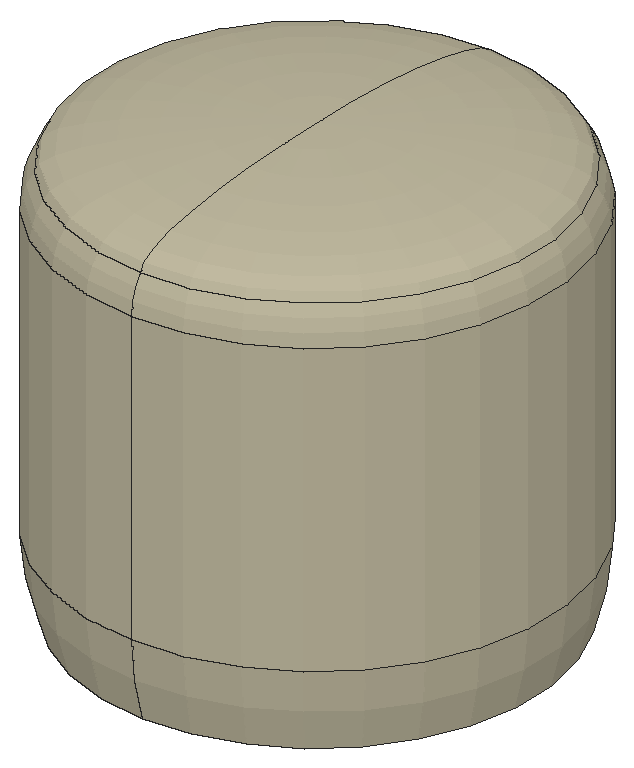
Revit family
Parameters
  URL = "http://www.martinbrattrud.com"
  SCS Certified Product = "Yes"
  Model = "Q-Bitz 3255-02SC"
  Manufacturer = "Martin Brattrud, Inc."
  Leg [instance] = none
  Keynote = "125000"
  Foot [instance] = none
  Copyright = "© 2013 Martin Brattrud, Inc."
  Upholstery [instance] = none
  Authoring Version = "Revit Architecture 2010"
  Assembly Code = "E2020200"
Reference planes (in)
  plane 1 "Center Front/Back": y = 0
  plane 2: z = 0
  plane 3 "Center Left/Right": x = 0
Forms (in)
  Revolve 1, solid, material <- "Foot"
    sketch origin (-6.92489, 0, 0) x (0, 1, 0) y (0, 0, 1)
      loop
        line (-0.2498, 0) -> (0, 0) -> (0, 0.25) -> (-0.375, 0.25) -> (-0.375, 0.1252)
        arc (-0.375, 0.1252) -> (-0.33833, 0.03667) -> (-0.2498, 0) r 0.1252
      axis (0, 0.25) -> (0, 0)
    angle from 0 to 360
  Revolve 2, solid, material <- "Foot"
    sketch origin (6.92543, 0, 0) x (0, 1, 0) y (0, 0, -1)
      loop
        arc (-0.2498, 0) -> (-0.33833, -0.03667) -> (-0.375, -0.1252) r 0.1252
        line (-0.375, -0.1252) -> (-0.375, -0.25) -> (0, -0.25) -> (0, 0) -> (-0.2498, 0)
      axis (0, -0.25) -> (0, 0)
    angle from 0 to 360
  Extrusion 3, solid, material <- "Leg"
    sketch origin (0, 0, 0) x (1, 0, 0) y (0, 1, 0)
      loop
        circle (0, 0) r 8.25
    from 0.25 to 0.75
  Revolve 4, solid, material <- "Foot"
    sketch origin (0.00027, -6.92516, 0) x (-1, 0, 0) y (0, 0, 1)
      loop
        line (-0.2498, 0) -> (0, 0) -> (0, 0.25) -> (-0.375, 0.25) -> (-0.375, 0.1252)
        arc (-0.375, 0.1252) -> (-0.33833, 0.03667) -> (-0.2498, 0) r 0.1252
      axis (0, 0.25) -> (0, 0)
    angle from 0 to 360
  Revolve 5, solid, material <- "Foot"
    sketch origin (0.00027, 6.92516, 0) x (-1, 0, 0) y (0, 0, -1)
      loop
        arc (-0.2498, 0) -> (-0.33833, -0.03667) -> (-0.375, -0.1252) r 0.1252
        line (-0.375, -0.1252) -> (-0.375, -0.25) -> (0, -0.25) -> (0, 0) -> (-0.2498, 0)
      axis (0, -0.25) -> (0, 0)
    angle from 0 to 360
  Revolve 6, solid, material <- "Upholstery"
    sketch origin (0, 0, 0) x (0, 1, 0) y (0, 0, 1)
      loop
        arc (-10.07, 4.08449) -> (-9.86796, 2.39455) -> (-9.42956, 0.75) r 12.03564
        line (-9.42956, 0.75) -> (0, 0.75) -> (0, 19.75)
        spline (0, 19.75) -> (-1.25039, 19.73601) -> (-2.47938, 19.69429) -> (-3.66595, 19.62555) -> (-4.7898, 19.53097) -> (-5.83169, 19.41216) -> (-6.7738, 19.27116) -> (-7.60001, 19.11038) -> (-8.29618, 18.93257) -> (-8.8504, 18.74077) -> (-9.25318, 18.53827) -> (-9.49765, 18.32853) -> (-9.5796, 18.11514)
        arc (-9.5796, 18.11514) -> (-9.92597, 17.40839) -> (-10.07, 16.63461) r 2.90642
        arc (-10.07, 16.63461) -> (-10.22134, 10.35955) -> (-10.07, 4.08449) r 130.17192
      axis (0, 19.75) -> (0, 0.75)
    angle from 0 to 360
